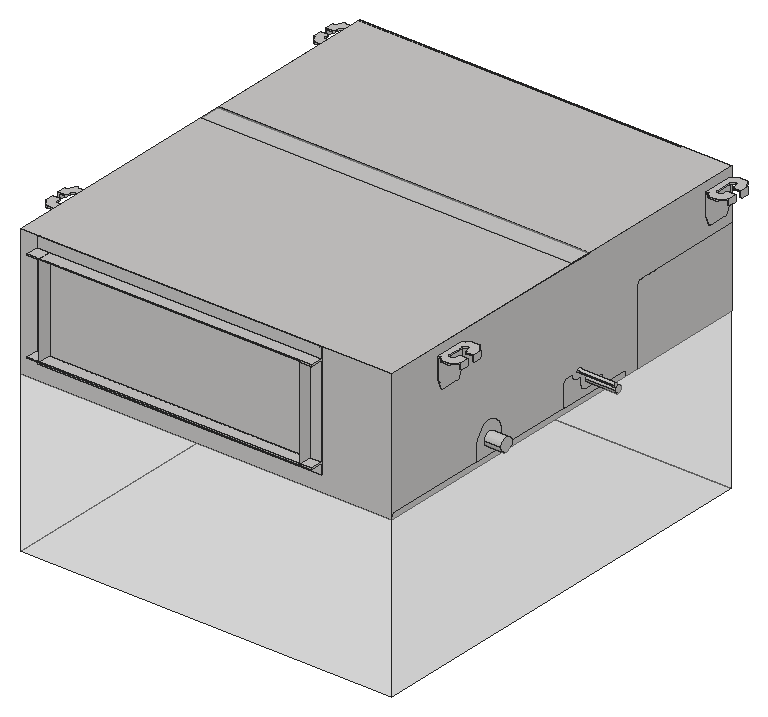
Revit family "outputfile", category 機械設備, Revit 2024
Family settings
  丸型コネクタ寸法 = 半径を使用
  パーツ タイプ = 標準
  OmniClass 番号 = 23.75.10.24.21.27.27
  OmniClass タイトル = Split System Air Conditioning Units
  作業面ベース = いいえ
  常に垂直 = はい
  ロード時にボイドで切り取り = いいえ
  注釈の向きを維持 = いいえ
  共有 = いいえ
  部屋計算ポイント = はい
Parameters (values of type "FDBF60DV14")
  Description = ""
  書き出し IFC クラス(タイプ) = "IfcUnitaryEquipmentType"
  定義済み IFC タイプ(タイプ) = "AIRCONDITIONINGUNIT"
  Cost = 0
  Type Comments = ""
  Keynote = ""
  Type Image = (empty or 0)
  Assembly Code = ""
  switch_frequency = yes
  ra duct size width = 0 mm
  ra duct size height [instance] = if(Rear Connection_Return Air, 203 mm, 204 mm)  # 203 mm
  lw_duct size width = 604 mm
  connector_voltage = Voltage_50Hz  # 230 V
  connector_powerinput = [Power Input (Cooling)]  # 0.000 kW
  connector_phase = Phase_50Hz  # 1
  URL = ""
  RA_length [instance] = if(Rear Connection_Return Air, 126 mm, 125.5 mm)  # 126 mm
  angle_drainpipe [instance] = if(Right Connection_refrigerant, 90.00°, 270.00°)  # 90.00°
  angle_gaspipe [instance] = if(Right Connection_refrigerant, 90.00°, 270.00°)  # 90.00°
  angle_liquidpipe [instance] = if(Right Connection_refrigerant, 90.00°, 270.00°)  # 90.00°
  angle_Return Air [instance] = if(Rear Connection_Return Air, 90.00°, 0.00°)  # 90.00°
  Right Connection_refrigerant [instance] = yes
  Rear Connection_Return Air [instance] = not(Bottom Connection_Return Air)  # yes
  製造元 = "Daikin"
  モデル = "FDBF60DV14"
  r_Liquid Pipe Size = Liquid Pipe Size / 2  # 3.2 mm
  r_Gas Pipe Size = Gas Pipe Size / 2  # 6.35 mm
  r_Drain Pipe Size = Drain Pipe Size / 2  # 12.5 mm
  lw_power = 60 mm  # constant formula
  lh_power = 30 mm  # constant formula
  ld_power = Depth / 2  # 400 mm
  Voltage_comment_50Hz = "220 - 240"
  Voltage_50Hz = 230 V
  Supply Air Direction [instance] = yes
  Sound Power Level_H speed (dB) = 0
  Phase_50Hz = 1
  Minimum External Static Pressure = 15.00 Pa
  Minimum Circuit Amps_50Hz = 0.0 A
  Maximum Fuse Amps_50Hz = 0.0 A
  Maximum External Static Pressure = 38.00 Pa
  Material_Casing = DAIKIN_GalvanizedSteel_Casing_indoorunit
  lw_mountinghole = 738 mm
  lh_gaspipe = 22 mm  # constant formula
  lh_mountinghole = 230 mm  # constant formula
  lh_liquidpipe = 185 mm  # constant formula
  lh_drainpipe = 207 mm  # constant formula
  lh_antena = (Height - lh_mountinghole) + 1 mm  # 16 mm
  ld_drainpipe = 228 mm  # constant formula
  ld_liquidpipe = 438 mm  # constant formula
  ld_gaspipe = 22 mm  # constant formula
  ld_mountinghole = 0 mm
  h*** = 0 mm
  lw_liquidpipe = 421 mm
  lw_gaspipe = 408 mm
  lw_drainpipe = 383 mm
  Width = 700 mm
  Version = "ver.1.0"
  Unit Type = "L.S.P. Duct for Bed room"
  Unit Mass Weight = 26.00 kg
  Unit Designation [instance] = ""
  Uniclass2015Version = "Products v1.30"
  Uniclass2015Title = "Split coil room air conditioning units"
  Uniclass2015Code = "Pr_70_65_03_86"
  Total Cooling Capacity [instance] = 0.000 kW
  Sound Pressure Level_M speed (dBA) = 33
  Sound Pressure Level_L speed (dBA) = 25
  Sound Pressure Level_H speed (dBA) = 37
  Series = "SkyAir_Fan Coil Unit"
  Sensible Cooling Capacity [instance] = 0.000 kW
  SA Duct Size Width = 490 mm
  SA Duct Size Height = 174 mm
  Refrigerant Type = "R32"
  RA Duct Size Width = 563 mm
  RA Duct Size Height = 203 mm
  Power Input (Cooling) = 0.000 kW
  Option Accessory 3 [instance] = ""
  Option Accessory 2 [instance] = ""
  Option Accessory 1 [instance] = ""
  Nominal Cooling Capacity = 6.000 kW
  Minimum Airflow = 570.00 m³/h
  Median Airflow = 720.00 m³/h
  Maximum Airflow = 900.00 m³/h
  Load Classification = HVAC
  Liquid Pipe Size = 6.4 mm
  Link_Nested Family [instance] = ""
  Left Connection_refrigerant [instance] = not(Right Connection_refrigerant)  # no
  IfcVersion = ""
  IfcExportType = "AIRCONDITIONINGUNIT"
  IfcExportAs = "IfcUnitaryEquipmentType"
  Height = 245 mm
  Heat Exchanger Type = "Cross Fin Coil"
  Gas Pipe Size = 12.7 mm
  Frequency_50Hz = 50 Hz
  Fan Type = "Sirocco Fan"
  Fan Drive = "Direct Drive"
  FCU Tag No. [instance] = ""
  Drain Pipe Size = 25.0 mm
  Design Supply Airflow [instance] = 0.00 m³/h
  Design Return Airflow [instance] = 0.00 m³/h
  Design External Static Pressure [instance] = 0.00 Pa
  Depth = 800 mm
  既定の高さ = 0 mm
  Cooling Entering Wet Bulb Temperature [instance] = 0.00 °C
  Cooling Entering Dry Bulb Temperature [instance] = 0.00 °C
  Cooling Ambient Wet Bulb Temperature [instance] = 0.00 °C
  Cooling Ambient Dry Bulb Temperature [instance] = 0.00 °C
  Clearance visibility [instance] = yes
  Clearance Top = 0 mm
  Clearance Right = 0 mm
  Clearance Rear = 0 mm
  Clearance Left = 0 mm
  Clearance Front = 0 mm
  Clearance Bottom = 300 mm
  Bottom Connection_Return Air [instance] = no
Reference planes
  plane 1 "Center (Front/Back)": y = 0
  plane 2 "h": z = 0
  plane 3 "Center (Left/Right)": x = 0
  plane 4 "Back": y = 400
  plane 5 "Front": y = -400
  plane 6 "Left": x = -350
  plane 7 "Right": x = 350
  plane 8 "Top": z = 0
  plane 9 "Bottom": z = -245
  plane 10: y = 400
  plane 11: y = -400
  plane 12: x = -350
  plane 13: x = 350
  plane 14: z = 0
  plane 15: z = -545
  plane 16: y = 364
  plane 17: y = -266
  plane 18: z = -15
  plane 19: x = -317
  plane 20: x = -408
  plane 21: x = 408
  plane 22: x = -421
  plane 23: x = 421
  plane 24: y = 38
  plane 25: y = 60
  plane 26: y = -172
  plane 27: z = -207
  plane 28: z = -207
  plane 29: z = -185
  plane 30: x = -383
  plane 31: x = 383
  plane 32: x = 254.5
  plane 33: x = -349.5
  plane 34: y = 151.5
  plane 35: z = -215
  plane 36: x = 290
  plane 37: x = -47.5
  plane 38: y = 274
  plane 39: z = -119.5
  plane 40: x = -369
  plane 41: x = 369
Forms (mm)
  Extrusion 1, solid, material "DAIKIN_GalvanizedSteel_Casing_indoorunit" <- "Material_Casing"
    sketch origin (0, 0, 0) x (1, 0, 0) y (0, 1, 0)
      loop
        line (-350, 400) -> (-350, -400) -> (350, -400) -> (350, 400) -> (-350, 400)
    from -245 to 0
  Extrusion 2, solid, material "DAIKIN_GalvanizedSteel_Casing_indoorunit" <- "Material_Casing", visible <- "Right Connection_refrigerant"
    sketch origin (350, 0, 0) x (0, 1, 0) y (0, 0, 1)
      loop
        circle (-172, -207) r 12.5
    from 0 to 33
  Extrusion 3, solid, material "DAIKIN_GalvanizedSteel_Casing_indoorunit" <- "Material_Casing", visible <- "Left Connection_refrigerant"
    sketch origin (-350, 0, 0) x (0, 1, 0) y (0, 0, 1)
      loop
        circle (-172, -207) r 12.5
    from 0 to -33
  Extrusion 4, solid, material "DAIKIN_GalvanizedSteel_Casing_indoorunit" <- "Material_Casing", visible <- "Right Connection_refrigerant"
    sketch origin (350, 0, 0) x (0, 1, 0) y (0, 0, 1)
      loop
        circle (38, -185) r 3.2
    from 0 to 71
  Extrusion 5, solid, material "DAIKIN_GalvanizedSteel_Casing_indoorunit" <- "Material_Casing", visible <- "Right Connection_refrigerant"
    sketch origin (350, 0, 0) x (0, 1, 0) y (0, 0, 1)
      loop
        circle (60, -207) r 6.35
    from 0 to 58
  Extrusion 6, solid, material "DAIKIN_GalvanizedSteel_Casing_indoorunit" <- "Material_Casing", visible <- "Left Connection_refrigerant"
    sketch origin (-350, 0, 0) x (0, 1, 0) y (0, 0, 1)
      loop
        circle (60, -207) r 6.35
    from 0 to -58
  Extrusion 7, solid, material "DAIKIN_GalvanizedSteel_Casing_indoorunit" <- "Material_Casing", visible <- "Left Connection_refrigerant"
    sketch origin (-350, 0, 0) x (0, 1, 0) y (0, 0, 1)
      loop
        circle (38, -185) r 3.2
    from 0 to -71
  Extrusion 8, solid, material "DAIKIN_GalvanizedSteel_Casing_indoorunit" <- "Material_Casing", visible <- "Right Connection_refrigerant"
    sketch origin (350, 0, 0) x (0, 1, 0) y (0, 0, 1)
      loop
        line (22.284, -188) -> (7.5, -188)
        arc (7.5, -188) -> (5.379, -188.879) -> (4.5, -191) r 3
        line (4.5, -191) -> (4.5, -232)
        arc (4.5, -232) -> (5.379, -234.121) -> (7.5, -235) r 3
        line (7.5, -235) -> (91, -235)
        arc (91, -235) -> (93.121, -234.121) -> (94, -232) r 3
        line (94, -232) -> (94, -220)
        arc (94, -220) -> (93.121, -217.879) -> (91, -217) r 3
        line (91, -217) -> (75.564, -217)
        arc (75.564, -217) -> (51.595, -223.481) -> (42.766, -200.274) r 18.5
        arc (42.766, -200.274) -> (29.776, -198.725) -> (22.284, -188) r 16
    from 0 to -1
  Extrusion 9, solid, material "DAIKIN_GalvanizedSteel_Casing_indoorunit" <- "Material_Casing", visible <- "Left Connection_refrigerant"
    sketch origin (-350, 0, 0) x (0, 1, 0) y (0, 0, 1)
      loop
        line (22.284, -188) -> (7.5, -188)
        arc (7.5, -188) -> (5.379, -188.879) -> (4.5, -191) r 3
        line (4.5, -191) -> (4.5, -232)
        arc (4.5, -232) -> (5.379, -234.121) -> (7.5, -235) r 3
        line (7.5, -235) -> (91, -235)
        arc (91, -235) -> (93.121, -234.121) -> (94, -232) r 3
        line (94, -232) -> (94, -220)
        arc (94, -220) -> (93.121, -217.879) -> (91, -217) r 3
        line (91, -217) -> (75.564, -217)
        arc (75.564, -217) -> (51.595, -223.481) -> (42.766, -200.274) r 18.5
        arc (42.766, -200.274) -> (29.776, -198.725) -> (22.284, -188) r 16
    from 0 to 1
  Extrusion 10, solid, material "DAIKIN_GalvanizedSteel_Casing_indoorunit" <- "Material_Casing", visible <- "Right Connection_refrigerant"
    sketch origin (350, 0, 0) x (0, 1, 0) y (0, 0, 1)
      loop
        line (-199.5, -235) -> (-144.5, -235) -> (-144.5, -204.7)
        arc (-144.5, -204.7) -> (-152.555, -185.255) -> (-172, -177.2) r 27.5
        arc (-172, -177.2) -> (-191.445, -185.255) -> (-199.5, -204.7) r 27.5
        line (-199.5, -204.7) -> (-199.5, -235)
    from 0 to -1
  Extrusion 11, solid, material "DAIKIN_GalvanizedSteel_Casing_indoorunit" <- "Material_Casing", visible <- "Left Connection_refrigerant"
    sketch origin (-350, 0, 0) x (0, 1, 0) y (0, 0, 1)
      loop
        line (-199.5, -235) -> (-144.5, -235) -> (-144.5, -204.7)
        arc (-144.5, -204.7) -> (-152.555, -185.255) -> (-172, -177.2) r 27.5
        arc (-172, -177.2) -> (-191.445, -185.255) -> (-199.5, -204.7) r 27.5
        line (-199.5, -204.7) -> (-199.5, -235)
    from 0 to 1
  Extrusion 12, solid, material "DAIKIN_GalvanizedSteel_Casing_indoorunit" <- "Material_Casing", visible <- "Right Connection_refrigerant"
    sketch origin (350, 0, 0) x (0, 1, 0) y (0, 0, 1)
      loop
        line (400, -245) -> (400, -95.5) -> (182, -95.5)
        arc (182, -95.5) -> (179.879, -96.379) -> (179, -98.5) r 3
        line (179, -98.5) -> (179, -245) -> (400, -245)
    from 0 to -1
  Extrusion 13, solid, material "DAIKIN_GalvanizedSteel_Casing_indoorunit" <- "Material_Casing", visible <- "Bottom Connection_Return Air"
    sketch origin (0, 400, 0) x (-1, 0, 0) y (0, 0, 1)
      loop
        line (-254.5, 0) -> (-254.5, -245) -> (349.5, -245) -> (349.5, 0) -> (-254.5, 0)
    from 0 to -1
  Extrusion 14, solid, material "DAIKIN_GalvanizedSteel_Casing_indoorunit" <- "Material_Casing", visible <- "Rear Connection_Return Air"
    sketch origin (0, 0, -245) x (-1, 0, 0) y (0, -1, 0)
      loop
        line (349.5, -400) -> (349.5, -151.5) -> (-254.5, -151.5) -> (-254.5, -400) -> (349.5, -400)
    from 0 to 1
  Extrusion 15, solid, material "DAIKIN_GalvanizedSteel_Casing_indoorunit" <- "Material_Casing", visible <- "Right Connection_refrigerant"
    sketch origin (350, 0, 0) x (0, 1, 0) y (0, 0, 1)
      loop
        arc (-397, -235) -> (-399.121, -235.879) -> (-400, -238) r 3
        line (-400, -238) -> (-400, -245) -> (147.5, -245) -> (147.5, -238)
        arc (147.5, -238) -> (146.621, -235.879) -> (144.5, -235) r 3
        line (144.5, -235) -> (-397, -235)
    from 0 to -1
  Extrusion 16, solid, material "DAIKIN_GalvanizedSteel_Casing_indoorunit" <- "Material_Casing", visible <- "Left Connection_refrigerant"
    sketch origin (-350, 0, 0) x (0, 1, 0) y (0, 0, 1)
      loop
        arc (-397, -235) -> (-399.121, -235.879) -> (-400, -238) r 3
        line (-400, -238) -> (-400, -245) -> (147.5, -245) -> (147.5, -238)
        arc (147.5, -238) -> (146.621, -235.879) -> (144.5, -235) r 3
        line (144.5, -235) -> (-397, -235)
    from 0 to 1
  Extrusion 17, solid, material "DAIKIN_GalvanizedSteel_Casing_indoorunit" <- "Material_Casing", visible <- "Left Connection_refrigerant"
    sketch origin (-350, 0, 0) x (0, 1, 0) y (0, 0, 1)
      loop
        line (400, -245) -> (400, -95.5) -> (182, -95.5)
        arc (182, -95.5) -> (179.879, -96.379) -> (179, -98.5) r 3
        line (179, -98.5) -> (179, -245) -> (400, -245)
    from 0 to 1
  Extrusion 18, void
    sketch origin (0, 0, 0) x (-1, 0, 0) y (0, -1, 0)
      loop
        line (350, -66.5) -> (350, -25) -> (-350, -25) -> (-350, -66.5) -> (350, -66.5)
    from 0 to -1
Cuts and joins
  Extrusion 18 cuts Extrusion 1
Dimensions and locks
  "Height": plane 8 "Top" to plane 9 "Bottom"
  equal spacing: plane 4 "Back", plane 1 "Center (Front/Back)", plane 5 "Front"
  "Depth": plane 4 "Back" to plane 5 "Front"
  equal spacing: plane 6 "Left", plane 3 "Center (Left/Right)", plane 7 "Right"
  "Width": plane 6 "Left" to plane 7 "Right"
  "Clearance Left": plane 12 to plane 6 "Left"
  "Clearance Right": plane 7 "Right" to plane 13
  "Clearance Rear": plane 10 to plane 4 "Back"
  "Clearance Front": plane 5 "Front" to plane 11
  "Clearance Top": plane 14 to plane 8 "Top"
  "Clearance Bottom": plane 9 "Bottom" to plane 15
  locked: plane 4 "Back" to plane 16 at 36
  locked: plane 17 to plane 5 "Front" at 134
  locked: plane 6 "Left" to plane 19 at 33
  "ld_liquidpipe": plane 24 to plane 5 "Front"
  "ld_drainpipe": plane 26 to plane 5 "Front"
  "ld_gaspipe": plane 25 to plane 24
  "lh_drainpipe": plane 8 "Top" to plane 28
  "lh_liquidpipe": plane 8 "Top" to plane 29
  "lh_gaspipe": plane 29 to plane 27
  locked: plane 7 "Right" to plane 32 at 95.5
  locked: plane 33 to plane 6 "Left" at 0.5
  locked: plane 4 "Back" to plane 34 at 248.5
  "lw_drainpipe": plane 3 "Center (Left/Right)" to plane 31
  "lw_drainpipe": plane 30 to plane 3 "Center (Left/Right)"
  "lw_gaspipe": plane 3 "Center (Left/Right)" to plane 21
  "lw_gaspipe": plane 20 to plane 3 "Center (Left/Right)"
  "lw_liquidpipe": plane 3 "Center (Left/Right)" to plane 23
  "lw_liquidpipe": plane 22 to plane 3 "Center (Left/Right)"
  "lw_power": plane 7 "Right" to plane 36
  "lh_power": plane 9 "Bottom" to plane 35
  equal spacing: plane 33, plane 37, plane 32
  locked: plane 4 "Back" to plane 38 at 126
  locked: plane 9 "Bottom" to plane 39 at 125.5
  equal spacing: plane 40, plane 3 "Center (Left/Right)", plane 41
  "lw_mountinghole": plane 40 to plane 41
  "lh_mountinghole": plane 18 to plane 9 "Bottom"
  locked: Extrusion 18 sketch curve to Extrusion 18 sketch curve at 41.5
  locked: plane 1 "Center (Front/Back)" to Extrusion 18 sketch curve at 25
  "r_Drain Pipe Size": radius of Extrusion 2 sketch curve
  "r_Drain Pipe Size": radius of Extrusion 3 sketch curve
  "r_Liquid Pipe Size": radius of Extrusion 4 sketch curve
  "r_Gas Pipe Size": radius of Extrusion 5 sketch curve
  "r_Gas Pipe Size": radius of Extrusion 6 sketch curve
  "r_Liquid Pipe Size": radius of Extrusion 7 sketch curve
  aligned and locked: level to plane 2 "h"
  aligned and locked: plane 8 "Top" to Extrusion 1
  aligned and locked: Extrusion 1 to plane 9 "Bottom"
  aligned and locked: nested 2 to plane 11
  aligned and locked: plane 12 to nested 2
  aligned and locked: plane 13 to nested 2
  aligned and locked: nested 2 to plane 12
  aligned and locked: plane 10 to nested 2
  aligned and locked: plane 14 to nested 2
  aligned and locked: plane 15 to nested 2
  aligned and locked: plane 5 "Front" to Extrusion 1 sketch curve
  aligned and locked: level to plane 8 "Top"
  aligned and locked: nested 3 to plane 6 "Left"
  aligned and locked: nested 6 to plane 6 "Left"
  aligned and locked: plane 7 "Right" to nested 5
  aligned and locked: plane 7 "Right" to nested 4
  aligned and locked: nested 3 to plane 16
  aligned and locked: plane 16 to nested 4
  aligned and locked: plane 17 to nested 6
  aligned and locked: nested 5 to plane 17
  aligned and locked: plane 18 to nested 3
  aligned and locked: plane 18 to nested 6
  aligned and locked: plane 18 to nested 4
  aligned and locked: plane 18 to nested 5
  aligned and locked: nested 7 to plane 5 "Front"
  aligned and locked: nested 7 to plane 19
  aligned and locked: plane 28 to Extrusion 2 sketch curve
  aligned and locked: plane 26 to Extrusion 2 sketch curve
  aligned and locked: plane 31 to Extrusion 2
  aligned and locked: plane 28 to Extrusion 3 sketch curve
  aligned and locked: plane 26 to Extrusion 3 sketch curve
  aligned and locked: Extrusion 3 to plane 30
  aligned and locked: plane 29 to Extrusion 4 sketch curve
  aligned and locked: plane 24 to Extrusion 4 sketch curve
  aligned and locked: plane 23 to Extrusion 4
  aligned and locked: plane 28 to Extrusion 5 sketch curve
  aligned and locked: plane 25 to Extrusion 5 sketch curve
  aligned and locked: plane 21 to Extrusion 5
  aligned and locked: plane 28 to Extrusion 6 sketch curve
  aligned and locked: plane 25 to Extrusion 6 sketch curve
  aligned and locked: Extrusion 6 to plane 20
  aligned and locked: plane 29 to Extrusion 7 sketch curve
  aligned and locked: plane 24 to Extrusion 7 sketch curve
  aligned and locked: Extrusion 7 to plane 22
  aligned and locked: Extrusion 13 to plane 33
  aligned and locked: plane 32 to Extrusion 13
  aligned and locked: plane 8 "Top" to Extrusion 13
  aligned and locked: Extrusion 13 to plane 9 "Bottom"
  aligned and locked: Extrusion 14 to plane 33
  aligned and locked: plane 32 to Extrusion 14
  aligned and locked: Extrusion 14 to plane 34
  aligned and locked: plane 4 "Back" to Extrusion 14
  aligned and locked: nested 8 to plane 4 "Back"
  aligned and locked: nested 8 to plane 33
  aligned and locked: plane 8 "Top" to nested 8
  aligned and locked: nested 9 to plane 34
  aligned and locked: plane 4 "Back" to nested 9
  aligned and locked: plane 32 to nested 9
  aligned and locked: nested 9 to plane 9 "Bottom"
  aligned and locked: nested 10 to plane 26
  aligned and locked: plane 3 "Center (Left/Right)" to nested 10
  aligned and locked: nested 10 to plane 28
  aligned and locked: nested 11 to plane 24
  aligned and locked: plane 3 "Center (Left/Right)" to nested 11
  aligned and locked: nested 11 to plane 29
  aligned and locked: nested 12 to plane 25
  aligned and locked: plane 3 "Center (Left/Right)" to nested 12
  aligned and locked: nested 12 to plane 28
  aligned and locked: nested 13 to plane 35
  aligned and locked: nested 13 to plane 36
  aligned and locked: nested 13 to plane 1 "Center (Front/Back)"
  aligned and locked: plane 37 to nested 14
  aligned and locked: nested 14 to plane 38
  aligned and locked: plane 38 to nested 14  (x2)
  aligned and locked: plane 40 to nested 15
  aligned and locked: plane 17 to nested 15
  aligned and locked: plane 40 to nested 16
  aligned and locked: nested 16 to plane 16
  aligned and locked: plane 41 to nested 18
  aligned and locked: plane 17 to nested 18
  aligned and locked: plane 41 to nested 17
  aligned and locked: nested 17 to plane 16
  aligned and locked: plane 1 "Center (Front/Back)" to nested 1
  aligned and locked: plane 3 "Center (Left/Right)" to nested 1
  aligned and locked: plane 6 "Left" to Extrusion 18 sketch curve
  aligned and locked: Extrusion 18 sketch curve to plane 7 "Right"
  aligned and locked: plane 8 "Top" to nested 7
Automatic sketch dimensions
  Extrusion 1 sketch curve to plane 6 "Left" = 0 mm
  Extrusion 1 sketch curve to plane 7 "Right" = 0 mm
  Extrusion 1 sketch curve to plane 4 "Back" = 0 mm
  Extrusion 8 sketch curve to plane 24 = 0 mm
  Extrusion 8 sketch curve to plane 25 = 0 mm
  Extrusion 8 sketch curve to plane 27 = 0 mm
  Extrusion 8 sketch curve to plane 29 = 0 mm
  Extrusion 8 sketch curve to plane 29 = 3 mm
  Extrusion 8 sketch curve to plane 24 = 15.716 mm
  Extrusion 8 sketch curve to plane 1 "Center (Front/Back)" = 7.5 mm  (x2)
  Extrusion 8 sketch curve to Extrusion 8 sketch curve = 3 mm
  Extrusion 8 sketch curve to plane 35 = 2 mm
  plane 25 to Extrusion 8 sketch curve = 15.564 mm
  plane 9 "Bottom" to Extrusion 8 sketch curve = 10 mm
  Extrusion 8 sketch curve to Extrusion 8 sketch curve = 15.436 mm
  Extrusion 8 sketch curve to plane 35 = 5 mm
  Extrusion 8 sketch curve to Extrusion 8 sketch curve = 0 mm
  Extrusion 9 sketch curve to plane 24 = 0 mm
  Extrusion 9 sketch curve to plane 25 = 0 mm
  Extrusion 9 sketch curve to plane 27 = 0 mm
  Extrusion 9 sketch curve to plane 29 = 0 mm
  Extrusion 9 sketch curve to plane 29 = 3 mm
  Extrusion 9 sketch curve to plane 24 = 15.716 mm
  Extrusion 9 sketch curve to plane 1 "Center (Front/Back)" = 7.5 mm  (x2)
  Extrusion 9 sketch curve to Extrusion 9 sketch curve = 3 mm
  Extrusion 9 sketch curve to plane 35 = 2 mm
  plane 25 to Extrusion 9 sketch curve = 15.564 mm
  plane 9 "Bottom" to Extrusion 9 sketch curve = 10 mm
  Extrusion 9 sketch curve to Extrusion 9 sketch curve = 15.436 mm
  Extrusion 9 sketch curve to plane 35 = 5 mm
  Extrusion 9 sketch curve to Extrusion 9 sketch curve = 0 mm
  Extrusion 10 sketch curve to Extrusion 10 sketch curve = 0 mm  (x2)
  Extrusion 10 sketch curve to plane 26 = 0 mm
  plane 9 "Bottom" to Extrusion 10 sketch curve = 10 mm
  Extrusion 10 sketch curve to plane 26 = 27.5 mm
  plane 27 to Extrusion 10 sketch curve = 2.3 mm
  Extrusion 11 sketch curve to Extrusion 11 sketch curve = 0 mm  (x2)
  Extrusion 11 sketch curve to plane 26 = 0 mm
  plane 9 "Bottom" to Extrusion 11 sketch curve = 10 mm
  Extrusion 11 sketch curve to plane 26 = 27.5 mm
  plane 27 to Extrusion 11 sketch curve = 2.3 mm
  Extrusion 12 sketch curve to plane 9 "Bottom" = 0 mm
  Extrusion 12 sketch curve to plane 4 "Back" = 0 mm
  plane 34 to Extrusion 12 sketch curve = 30.5 mm
  Extrusion 12 sketch curve to Extrusion 12 sketch curve = 3 mm
  plane 39 to Extrusion 12 sketch curve = 21 mm
  Extrusion 13 sketch curve to plane 9 "Bottom" = 0 mm
  Extrusion 13 sketch curve to plane 32 = 0 mm
  Extrusion 13 sketch curve to plane 33 = 0 mm
  Extrusion 13 sketch curve to level = 0 mm
  Extrusion 14 sketch curve to plane 4 "Back" = 0 mm
  Extrusion 14 sketch curve to plane 32 = 0 mm
  Extrusion 14 sketch curve to plane 33 = 0 mm
  Extrusion 14 sketch curve to plane 34 = 0 mm
  Extrusion 15 sketch curve to plane 5 "Front" = 0 mm
  Extrusion 15 sketch curve to plane 9 "Bottom" = 0 mm
  Extrusion 15 sketch curve to Extrusion 15 sketch curve = 3 mm
  Extrusion 15 sketch curve to plane 34 = 7 mm
  Extrusion 15 sketch curve to plane 34 = 4 mm
  Extrusion 15 sketch curve to Extrusion 15 sketch curve = 7 mm
  Extrusion 16 sketch curve to plane 5 "Front" = 0 mm
  Extrusion 16 sketch curve to plane 9 "Bottom" = 0 mm
  Extrusion 16 sketch curve to Extrusion 16 sketch curve = 3 mm
  Extrusion 16 sketch curve to plane 34 = 7 mm
  Extrusion 16 sketch curve to plane 34 = 4 mm
  plane 9 "Bottom" to Extrusion 16 sketch curve = 7 mm
  Extrusion 17 sketch curve to plane 9 "Bottom" = 0 mm
  Extrusion 17 sketch curve to plane 4 "Back" = 0 mm
  plane 34 to Extrusion 17 sketch curve = 30.5 mm
  Extrusion 17 sketch curve to Extrusion 17 sketch curve = 3 mm
  plane 39 to Extrusion 17 sketch curve = 21 mm
Nested families
  nested 1: "daikin_△_symbolicline" at (0, 0, 245), built-in parameter 1001364 <- "Height", visible <- "Supply Air Direction", type "daikin_△_symbolicline"
    with length 200 mm
  nested 2: "daikin_clearancespace" at (0, 0, -272.381), visible <- "Clearance visibility", show <- "Clearance visibility", Link_Nested Family <- "Link_Nested Family", type "daikin_clearancespace"
    with width 700 mm, show yes, height 545 mm, depth 800 mm, Link_Nested Family ""
  nested 3: "daikin_hangerfixture_FDBF-DV14" at (-350, 364, -15) x (0, -1, 0) z (0, 0, 1), type "daikin_hangerfixture_FDBF-DV14"
  nested 4: "daikin_hangerfixture_FDBF-DV14" at (350, 364, -15) x (0, 1, 0) z (0, 0, 1), type "daikin_hangerfixture_FDBF-DV14"
  nested 5: "daikin_hangerfixture_FDBF-DV14" at (350, -266, -15) x (0, 1, 0) z (0, 0, 1), type "daikin_hangerfixture_FDBF-DV14"
  nested 6: "daikin_hangerfixture_FDBF-DV14" at (-350, -266, -15) x (0, -1, 0) z (0, 0, 1), type "daikin_hangerfixture_FDBF-DV14"
  nested 7: "daikin_ductflange_FDBF-DV14_2" at (-49.5, -400, -108), type "daikin_ductflange_FDBF-DV14_2"
  nested 8: "daikin_ductflange_FDBF-DV14" at (-47.5, 400, -122.5), width <- "lw_duct size width", visible <- "Rear Connection_Return Air", material <- "Material_Casing", type "daikin_ductflange_FDBF-DV14"
    with width 604 mm, material DAIKIN_GalvanizedSteel_Casing_indoorunit, height 245 mm, depth 1 mm
  nested 9: "daikin_ductflange_FDBF-DV14_1" at (-47.5, 275.75, -244) x (1, 0, 0) z (0, -1, 0), width <- "lw_duct size width", visible <- "Bottom Connection_Return Air", material <- "Material_Casing", type "daikin_ductflange_FDBF-DV14_1"
    with width 604 mm, material DAIKIN_GalvanizedSteel_Casing_indoorunit, height 248.5 mm, depth 1 mm
  nested 10: "daikin_connector_rotate3" at (0, -172, -207), length <- "lw_drainpipe", radius <- "r_Drain Pipe Size", angle_vertical <- "angle_drainpipe", type "daikin_connector_rotate3"
    with show no, radius 12.5 mm, length 383 mm, angle_vertical 90.00°, angle_horizontal 90.00°
  nested 11: "daikin_connector_rotate3" at (0, 38, -185), length <- "lw_liquidpipe", radius <- "r_Liquid Pipe Size", angle_vertical <- "angle_liquidpipe", type "daikin_connector_rotate3"
    with show no, radius 3.2 mm, length 421 mm, angle_vertical 90.00°, angle_horizontal 90.00°
  nested 12: "daikin_connector_rotate3" at (0, 60, -207), length <- "lw_gaspipe", radius <- "r_Gas Pipe Size", angle_vertical <- "angle_gaspipe", type "daikin_connector_rotate3"
    with show no, radius 6.35 mm, length 408 mm, angle_vertical 90.00°, angle_horizontal 90.00°
  nested 13: "daikin_connector_rotate2" at (290, 0, -215) x (-1, 0, 0) z (0, 0, 1), length <- "ld_power", type "daikin_connector_rotate2"
    with radius 10 mm, length 400 mm, angle_vertical 90.00°
  nested 14: "daikin_connector_rotate3" at (-47.5, 274, -119.5), angle_vertical <- "angle_Return Air", length <- "RA_length", type "daikin_connector_rotate3"
    with show no, radius 10 mm, length 126 mm, angle_vertical 90.00°, angle_horizontal 180.00°
  nested 15: "daikin_mountinghole" at (-369, -266, -245), h_mountinghole <- "lh_mountinghole", l_antenna <- "lh_antena", Link_Nested Family <- "Link_Nested Family", type "daikin_mountinghole"
    with show yes, l_antenna 16 mm, h_mountinghole 230 mm, Link_Nested Family ""
  nested 16: "daikin_mountinghole" at (-369, 364, -245), h_mountinghole <- "lh_mountinghole", l_antenna <- "lh_antena", Link_Nested Family <- "Link_Nested Family", type "daikin_mountinghole"
    with show yes, l_antenna 16 mm, h_mountinghole 230 mm, Link_Nested Family ""
  nested 17: "daikin_mountinghole" at (369, 364, -245), h_mountinghole <- "lh_mountinghole", l_antenna <- "lh_antena", type "daikin_mountinghole"
    with show yes, l_antenna 16 mm, h_mountinghole 230 mm, Link_Nested Family ""
  nested 18: "daikin_mountinghole" at (369, -266, -245), h_mountinghole <- "lh_mountinghole", l_antenna <- "lh_antena", type "daikin_mountinghole"
    with show yes, l_antenna 16 mm, h_mountinghole 230 mm, Link_Nested Family ""
Connectors
  hvac at (-49.5, -425, -108), driven by "SA Duct Size Height", driven by "SA Duct Size Width"
    settings: on nested 7, index 1, duct flow 0.00 m³/h, flow factor 0, pres drop 0.00 Pa, loss coef 0, conn angle 0.00°, conn width 490.0 mm, conn height 174.0 mm, conn diameter 609.6 mm, duct sys type 1, conn prof type 1, flow config 0, flow direction 2, loss method 4, conn ref index -1, conn util no, is conn primary yes, conn desc "SA Duct"
  piping at (408, 60, -207), diameter 12.7, driven by "r_Gas Pipe Size"
    settings: on nested 12, index 4, connector inside diameter 609.6 mm, connector length 0 mm, flow factor 0, pipe flow 0.00 m³/h, pressure drop 0.0 Pa, fitting loss kfactor 0, connector angle 0.00°, fixture units 0, engagement length 0 mm, angle of deflection 0.00°, flow configuration 1, flow direction 2, fitting loss method 0, system type 29, joint type 0, gender type 0, connector reference index -1, connector utility 0, adjustable connector no, is connector primary yes, connector description "Refrigerant Gas Piping"
  piping at (421, 38, -185), diameter 6.4, driven by "r_Liquid Pipe Size"
    settings: on nested 11, index 5, connector inside diameter 609.6 mm, connector length 0 mm, flow factor 0, pipe flow 0.00 m³/h, pressure drop 0.0 Pa, fitting loss kfactor 0, connector angle 0.00°, fixture units 0, engagement length 0 mm, angle of deflection 0.00°, flow configuration 1, flow direction 1, fitting loss method 0, system type 29, joint type 0, gender type 0, connector reference index -1, connector utility 0, adjustable connector no, is connector primary no, connector description "Refrigerant Liquid Piping"
  piping at (383, -172, -207), diameter 25, driven by "r_Drain Pipe Size"
    settings: on nested 10, index 6, connector inside diameter 609.6 mm, connector length 0 mm, flow factor 0, pipe flow 0.00 m³/h, pressure drop 0.0 Pa, fitting loss kfactor 0, connector angle 0.00°, fixture units 0, engagement length 0 mm, angle of deflection 0.00°, flow configuration 1, flow direction 2, fitting loss method 4, system type 16, joint type 0, gender type 0, connector reference index -1, connector utility 0, adjustable connector no, is connector primary no, connector description "Condensate Drain Piping"
  hvac at (-47.5, 400, -119.5), driven by "ra duct size height", driven by "RA Duct Size Width"
    settings: on nested 14, index 7, duct flow 0.00 m³/h, flow factor 0, pres drop 0.00 Pa, loss coef 0, conn angle 0.00°, conn width 563.0 mm, conn height 203.0 mm, conn diameter 609.6 mm, duct sys type 2, conn prof type 1, flow config 0, flow direction 1, loss method 4, conn ref index -1, conn util no, is conn primary no, conn desc "RA Duct"
  electrical at (290, 400, -215), driven by "Load Classification", driven by "connector_phase", driven by "connector_voltage", driven by "connector_powerinput"
    settings: on nested 13, index 8, voltage 230 V, apparent load 0 VA, apparent load phase1 0 VA, apparent load phase2 0 VA, apparent load phase3 0 VA, power factor 1, load classification "HVAC", number of poles 1, system type 30, power factor state 1, is connector primary yes, connector utility no, sub classification motor no, connector description "Power Supply"
Definition of nested family "daikin_clearancespace"
  Parameters (values of type "daikin_clearancespace")
    Description = "daikin_clearancespace"
    width [instance] = 1823.963 mm
    show [instance] = yes
    material = none
    height [instance] = 1359.762 mm
    depth [instance] = 880 mm
    Default Elevation = 0 mm
    Link_Nested Family [instance] = ""
  Reference planes
    plane 1 "Center (Front/Back)": y = 0
    plane 2 "Center (Elevation)": z = -0.119
    plane 3 "Center (Left/Right)": x = 0
    plane 4: y = 440
    plane 5: y = -440
    plane 6 "Right": x = 911.982
    plane 7 "Left": x = -911.982
    plane 8 "Top": z = 679.762
    plane 9 "Bottom": z = -680
  Forms (mm)
    Extrusion 1, solid, material <- "material", visible <- "show"
      sketch origin (0, 0, 0) x (1, 0, 0) y (0, 1, 0)
        loop
          line (-911.982, 440) -> (-911.982, -440) -> (911.982, -440) -> (911.982, 440) -> (-911.982, 440)
      from -680 to 679.762
  Lines and regions (mm)
    symbolic lines, visible <- "show"
      curve 1: line (911.982, 440, 0) -> (-911.982, 440, 0)
      curve 2: line (-911.982, 440, 0) -> (-911.982, -440, 0)
      curve 3: line (-911.982, -440, 0) -> (911.982, -440, 0)
      curve 4: line (911.982, -440, 0) -> (911.982, 440, 0)
      curve 5: line (911.982, 0, 679.762) -> (-911.982, 0, 679.762)
      curve 6: line (911.982, 0, -680) -> (911.982, 0, 679.762)
      curve 7: line (-911.982, 0, -680) -> (911.982, 0, -680)
      curve 8: line (-911.982, 0, 679.762) -> (-911.982, 0, -680)
      curve 9: line (0, 440, 679.762) -> (0, -440, 679.762)
      curve 10: line (0, -440, 679.762) -> (0, -440, -680)
      curve 11: line (0, 440, -680) -> (0, 440, 679.762)
      curve 12: line (0, -440, -680) -> (0, 440, -680)
  Dimensions and locks
    "width": plane 7 "Left" to plane 6 "Right"
    "depth": plane 4 to plane 5
    "height": plane 8 "Top" to plane 9 "Bottom"
    equal spacing: plane 7 "Left", plane 3 "Center (Left/Right)", plane 6 "Right"
    equal spacing: plane 4, plane 1 "Center (Front/Back)", plane 5
    equal spacing: plane 8 "Top", plane 2 "Center (Elevation)", plane 9 "Bottom"
    aligned and locked: level to plane 2 "Center (Elevation)"
    aligned and locked: Extrusion 1 sketch curve to plane 4
    aligned and locked: plane 7 "Left" to Extrusion 1 sketch curve
    aligned and locked: Extrusion 1 sketch curve to plane 5
    aligned and locked: Extrusion 1 sketch curve to plane 6 "Right"
    aligned and locked: plane 8 "Top" to Extrusion 1
    aligned and locked: curve 1 to Extrusion 1
    aligned and locked: curve 2 to Extrusion 1
    aligned and locked: curve 3 to Extrusion 1
    aligned and locked: curve 4 to Extrusion 1
    aligned and locked: curve 5 to Extrusion 1
    aligned and locked: curve 6 to Extrusion 1
    aligned and locked: curve 7 to Extrusion 1
    aligned and locked: curve 8 to Extrusion 1
    aligned and locked: curve 9 to Extrusion 1
    aligned and locked: curve 10 to Extrusion 1
    aligned and locked: curve 11 to Extrusion 1
    aligned and locked: curve 12 to Extrusion 1
    aligned and locked: Extrusion 1 to plane 9 "Bottom"
Definition of nested family "daikin_hangerfixture_FDBF-DV14"
  Parameters (values of type "daikin_hangerfixture_FDBF-DV2S")
    width = 72 mm
    material = none
    height = 60 mm
    depth = 41 mm
    Default Elevation = 0 mm
  Reference planes
    plane 1 "Center (Front/Back)": y = 0
    plane 2: z = 0
    plane 3 "Center (Left/Right)": x = 0
    plane 4: y = 417.146
    plane 5: y = -41
    plane 6: x = -36
    plane 7: x = 36
    plane 8: z = -2.3
    plane 9: z = -60
    plane 10: y = -2.3
    plane 11: z = -12
    plane 12: y = -38.7
  Forms (mm)
    Extrusion 1, solid, material <- "material"
      sketch origin (0, 0, 0) x (1, 0, 0) y (0, 1, 0)
        loop
          line (-28, 0) -> (-28, -5)
          arc (-28, -5) -> (-29.127, -8.162) -> (-32, -9.899) r 5
          arc (-32, -9.899) -> (-34.873, -11.636) -> (-36, -14.798) r 5
          line (-36, -14.798) -> (-36, -27.178)
          arc (-36, -27.178) -> (-35.429, -29.499) -> (-33.846, -31.289) r 5
          line (-33.846, -31.289) -> (-23, -38.798) -> (-23, -41.098) -> (-6.5, -41.098) -> (-6.5, -28.498)
          arc (-6.5, -28.498) -> (-7.379, -26.377) -> (-9.5, -25.498) r 3
          line (-9.5, -25.498) -> (-13.5, -25.498)
          arc (-13.5, -25.498) -> (-20, -18.998) -> (-13.5, -12.498) r 6.5
          line (-13.5, -12.498) -> (13.5, -12.498)
          arc (13.5, -12.498) -> (20, -18.998) -> (13.5, -25.498) r 6.5
          line (13.5, -25.498) -> (9.5, -25.498)
          arc (9.5, -25.498) -> (7.379, -26.377) -> (6.5, -28.498) r 3
          line (6.5, -28.498) -> (6.5, -41.098) -> (23, -41.098) -> (23, -38.798) -> (33.846, -31.289)
          arc (33.846, -31.289) -> (35.429, -29.499) -> (36, -27.178) r 5
          line (36, -27.178) -> (36, -14.596)
          arc (36, -14.596) -> (34.873, -11.434) -> (32, -9.697) r 5
          arc (32, -9.697) -> (29.127, -7.96) -> (28, -4.798) r 5
          line (28, -4.798) -> (28, 0) -> (-28, 0)
      from 0 to -2.3
    Extrusion 2, solid, material <- "material"
      sketch origin (0, 0, 0) x (1, 0, 0) y (0, 0, 1)
        loop
          line (28, -39.037) -> (28, 0) -> (-28, 0) -> (-28, -39.037)
          arc (-28, -39.037) -> (-27.91, -39.983) -> (-27.642, -40.894) r 5
          line (-27.642, -40.894) -> (-21.257, -56.857)
          arc (-21.257, -56.857) -> (-19.418, -59.14) -> (-16.615, -60) r 5
          line (-16.615, -60) -> (16.615, -60)
          arc (16.615, -60) -> (19.418, -59.14) -> (21.257, -56.857) r 5
          line (21.257, -56.857) -> (27.642, -40.894)
          arc (27.642, -40.894) -> (27.91, -39.983) -> (28, -39.037) r 5
      from 0 to 2.3
    Extrusion 3, solid, material <- "material"
      sketch origin (0, 0, 0) x (1, 0, 0) y (0, 0, 1)
        loop
          line (-23, 0) -> (-23, -9)
          arc (-23, -9) -> (-22.121, -11.121) -> (-20, -12) r 3
          line (-20, -12) -> (-9.5, -12)
          arc (-9.5, -12) -> (-7.379, -11.121) -> (-6.5, -9) r 3
          line (-6.5, -9) -> (-6.5, 0) -> (-23, 0)
        loop
          line (23, 0) -> (6.5, 0) -> (6.5, -9)
          arc (6.5, -9) -> (7.379, -11.121) -> (9.5, -12) r 3
          line (9.5, -12) -> (20, -12)
          arc (20, -12) -> (22.121, -11.121) -> (23, -9) r 3
          line (23, -9) -> (23, 0)
      from 38.8 to 41.098
  Cuts and joins
    joined: Extrusion 1, Extrusion 2, Extrusion 3
  Dimensions and locks
    plane 2 to plane 8 = 2.3 mm
    "height": plane 2 to plane 9
    locked: plane 10 to plane 1 "Center (Front/Back)" at 2.3
    locked: plane 2 to plane 11 at 12
    locked: plane 12 to plane 5 at 2.3
    "width": plane 6 to plane 7
    "depth": plane 1 "Center (Front/Back)" to plane 5
    aligned and locked: level to plane 2
    aligned and locked: Extrusion 1 to plane 8
    aligned and locked: plane 2 to Extrusion 1
    aligned and locked: plane 2 to Extrusion 2 sketch curve
    aligned and locked: Extrusion 2 to plane 10
    aligned and locked: Extrusion 2 to plane 1 "Center (Front/Back)"
    aligned and locked: Extrusion 3 sketch curve to cut or joined group of Extrusion 1, Extrusion 2, Extrusion 3  (x3)
    aligned and locked: cut or joined group of Extrusion 1, Extrusion 2, Extrusion 3 to Extrusion 3
  Automatic sketch dimensions
    Extrusion 2 sketch curve to plane 7 = 8 mm
    Extrusion 2 sketch curve to plane 8 = 36.737 mm
    plane 6 to Extrusion 2 sketch curve = 19.385 mm
    Extrusion 1 sketch curve to plane 6 = 0 mm
    plane 1 "Center (Front/Back)" to Extrusion 1 sketch curve = 0 mm
    Extrusion 1 sketch curve to plane 7 = 0 mm
    plane 6 to Extrusion 1 sketch curve = 2.154 mm
    plane 6 to Extrusion 1 sketch curve = 3 mm
    Extrusion 1 sketch curve to Extrusion 1 sketch curve = 5 mm  (x3)
    Extrusion 1 sketch curve to plane 12 = 0.098 mm  (x2)
    Extrusion 1 sketch curve to Extrusion 1 sketch curve = 4 mm  (x2)
    Extrusion 1 sketch curve to plane 5 = 0.098 mm  (x2)
    Extrusion 1 sketch curve to plane 3 "Center (Left/Right)" = 6.5 mm
    plane 3 "Center (Left/Right)" to Extrusion 1 sketch curve = 6.5 mm
    Extrusion 1 sketch curve to Extrusion 1 sketch curve = 3 mm
    Extrusion 1 sketch curve to plane 7 = 8 mm
    Extrusion 1 sketch curve to plane 7 = 5 mm
    Extrusion 1 sketch curve to plane 7 = 3 mm
    Extrusion 1 sketch curve to plane 7 = 2.154 mm
    plane 12 to Extrusion 1 sketch curve = 7.411 mm  (x2)
    plane 12 to Extrusion 1 sketch curve = 10.202 mm  (x2)
    Extrusion 1 sketch curve to Extrusion 1 sketch curve = 6.5 mm  (x2)
    Extrusion 1 sketch curve to Extrusion 1 sketch curve = 12.38 mm
    Extrusion 1 sketch curve to plane 10 = 12.296 mm
    Extrusion 1 sketch curve to plane 10 = 2.7 mm
    Extrusion 1 sketch curve to plane 10 = 2.498 mm
    plane 6 to Extrusion 1 sketch curve = 4 mm
    Extrusion 1 sketch curve to Extrusion 1 sketch curve = 0 mm  (x2)
    Extrusion 1 sketch curve to plane 7 = 4 mm
    Extrusion 1 sketch curve to Extrusion 1 sketch curve = 4.111 mm
    Extrusion 3 sketch curve to level = 0 mm  (x2)
    Extrusion 3 sketch curve to plane 11 = 0 mm  (x2)
    plane 11 to Extrusion 3 sketch curve = 3 mm  (x2)
    plane 3 "Center (Left/Right)" to Extrusion 3 sketch curve = 6.5 mm
    Extrusion 3 sketch curve to Extrusion 3 sketch curve = 3 mm  (x2)
    Extrusion 2 sketch curve to plane 9 = 0 mm
    Extrusion 2 sketch curve to Extrusion 2 sketch curve = 11.385 mm
    plane 6 to Extrusion 2 sketch curve = 8 mm
    plane 9 to Extrusion 2 sketch curve = 20.963 mm
    Extrusion 2 sketch curve to Extrusion 2 sketch curve = 5 mm  (x2)
    plane 9 to Extrusion 2 sketch curve = 3.143 mm  (x3)
    Extrusion 2 sketch curve to Extrusion 2 sketch curve = 4.642 mm  (x2)
    Extrusion 2 sketch curve to Extrusion 2 sketch curve = 0 mm  (x2)
    Extrusion 2 sketch curve to Extrusion 2 sketch curve = 0.358 mm
    Extrusion 2 sketch curve to Extrusion 2 sketch curve = 1.857 mm  (x2)
Definition of nested family "daikin_ductflange_FDBF-DV14_2"
  Parameters (values of type "daikin_ductflange_FDBF-DV2S_2")
    width = if(w = 700 mm, 535 mm, if(w = 1000 mm, 835 mm, 535 mm))  # 535 mm
    w = 700 mm
    material = none
    height = 174 mm
    depth = 25 mm
    Default Elevation = 0 mm
  Reference planes
    plane 1 "Center (Front/Back)": y = 0
    plane 2: z = 0
    plane 3 "Center (Left/Right)": x = 0
    plane 4: y = -25
    plane 5: x = -267.5
    plane 6: x = 267.5
    plane 7: x = 245
    plane 8: x = -245
    plane 9: x = 246
    plane 10: x = -246
    plane 11: y = -1
    plane 12: z = 108
    plane 13: z = -108
    plane 14: z = 87
    plane 15: z = -87
  Forms (mm)
    Extrusion 1, solid, material <- "material"
      sketch origin (0, 0, 0) x (1, 0, 0) y (0, 0, 1)
        loop
          line (245, 87) -> (245, -87) -> (267.5, -87) -> (267.5, -86) -> (246, -86) -> (246, 86) -> (267.5, 86) -> (267.5, 87) -> (245, 87)
      from 0 to 25
    Extrusion 2, solid, material <- "material"
      sketch origin (0, 0, 0) x (1, 0, 0) y (0, 0, 1)
        loop
          line (-267.5, 87) -> (-267.5, 86) -> (-246, 86) -> (-246, -86) -> (-267.5, -86) -> (-267.5, -87) -> (-245, -87) -> (-245, 87) -> (-267.5, 87)
      from 0 to 25
    Extrusion 3, solid, material <- "material"
      sketch origin (0, 0, 0) x (1, 0, 0) y (0, 0, 1)
        loop
          line (-267.5, 87) -> (-267.5, -87) -> (-245, -87) -> (-245, 87) -> (-267.5, 87)
        loop
          line (267.5, 87) -> (245, 87) -> (245, -87) -> (267.5, -87) -> (267.5, 87)
      from 0 to 1
    Extrusion 4, solid, material <- "material"
      sketch origin (0, 0, 0) x (0, 1, 0) y (0, 0, 1)
        loop
          line (0, 108) -> (-1, 108) -> (-1, 88) -> (-25, 88) -> (-25, 87) -> (0, 87) -> (0, 108)
        loop
          line (0, -108) -> (0, -87) -> (-25, -87) -> (-25, -88) -> (-1, -88) -> (-1, -108) -> (0, -108)
      from -267.5 to 267.5
  Cuts and joins
    joined: Extrusion 1, Extrusion 2, Extrusion 3, Extrusion 4
  Dimensions and locks
    "depth": plane 4 to plane 1 "Center (Front/Back)"
    locked: plane 6 to plane 7 at 22.5
    locked: plane 8 to plane 5 at 22.5
    locked: plane 9 to plane 7 at 1
    equal spacing: plane 7, plane 3 "Center (Left/Right)", plane 8
    locked: plane 8 to plane 10 at 1
    locked: plane 11 to plane 1 "Center (Front/Back)" at 1
    "width": plane 6 to plane 5
    equal spacing: plane 14, level, plane 15
    "height": plane 14 to plane 15
    plane 12 to plane 13 = 216 mm
    equal spacing: plane 12, level, plane 13
    aligned and locked: level to plane 2
    aligned and locked: plane 7 to Extrusion 1 sketch curve
    aligned and locked: Extrusion 1 sketch curve to plane 6
    aligned and locked: plane 4 to Extrusion 1
    aligned and locked: Extrusion 2 sketch curve to plane 8
    aligned and locked: plane 10 to Extrusion 2 sketch curve
    aligned and locked: Extrusion 2 to plane 1 "Center (Front/Back)"
    aligned and locked: plane 4 to Extrusion 2
    aligned and locked: Extrusion 3 sketch curve to Extrusion 2
    aligned and locked: Extrusion 1 to Extrusion 3 sketch curve
    aligned and locked: Extrusion 3 to plane 1 "Center (Front/Back)"
    aligned and locked: plane 11 to Extrusion 3
    aligned and locked: Extrusion 4 sketch curve to plane 1 "Center (Front/Back)"
    aligned and locked: plane 11 to Extrusion 4 sketch curve
    aligned and locked: plane 4 to Extrusion 4 sketch curve
    aligned and locked: plane 1 "Center (Front/Back)" to Extrusion 4 sketch curve
    aligned and locked: Extrusion 4 sketch curve to plane 11
    aligned and locked: Extrusion 4 sketch curve to plane 4
    aligned and locked: Extrusion 4 to plane 5
    aligned and locked: plane 6 to Extrusion 4
    aligned and locked: plane 12 to cut or joined group of Extrusion 1, Extrusion 2, Extrusion 3, Extrusion 4
    aligned and locked: cut or joined group of Extrusion 1, Extrusion 2, Extrusion 3, Extrusion 4 to plane 13
    aligned and locked: cut or joined group of Extrusion 1, Extrusion 2, Extrusion 3, Extrusion 4 to plane 14
    aligned and locked: plane 15 to cut or joined group of Extrusion 1, Extrusion 2, Extrusion 3, Extrusion 4
    aligned and locked: plane 14 to cut or joined group of Extrusion 1, Extrusion 2, Extrusion 3, Extrusion 4  (x2)
    aligned and locked: cut or joined group of Extrusion 1, Extrusion 2, Extrusion 3, Extrusion 4 to plane 15  (x2)
    aligned and locked: Extrusion 3 sketch curve to plane 14
    aligned and locked: plane 14 to Extrusion 3 sketch curve
    aligned and locked: Extrusion 3 sketch curve to plane 15
  Automatic sketch dimensions
    Extrusion 1 sketch curve to plane 9 = 0 mm
    Extrusion 2 sketch curve to plane 5 = 0 mm  (x2)
    Extrusion 3 sketch curve to plane 5 = 0 mm
    Extrusion 3 sketch curve to plane 6 = 0 mm
    Extrusion 1 sketch curve to plane 6 = 0 mm
    Extrusion 4 sketch curve to Extrusion 4 sketch curve = 1 mm  (x2)
    Extrusion 2 sketch curve to Extrusion 2 sketch curve = 1 mm  (x2)
    Extrusion 1 sketch curve to Extrusion 1 sketch curve = 1 mm  (x2)
    level to Extrusion 4 sketch curve = 87 mm
    Extrusion 4 sketch curve to Extrusion 4 sketch curve = 20 mm  (x2)
    Extrusion 3 sketch curve to level = 87 mm
    Extrusion 4 sketch curve to level = 87 mm
    Extrusion 1 sketch curve to plane 14 = 0 mm
    Extrusion 1 sketch curve to plane 15 = 0 mm
    Extrusion 2 sketch curve to plane 14 = 0 mm
    Extrusion 2 sketch curve to plane 15 = 0 mm
Definition of nested family "daikin_ductflange_FDBF-DV14"
  Parameters (values of type "daikin_ductflange_FDBF-DV2S")
    width [instance] = 604 mm
    material [instance] = none
    height [instance] = 245 mm
    depth [instance] = 1 mm
    Default Elevation = 0 mm
  Reference planes
    plane 1 "Center (Front/Back)": y = 0
    plane 2: z = 0
    plane 3 "Center (Left/Right)": x = 0
    plane 4: x = -302
    plane 5: x = 302
    plane 6: z = 122.5
    plane 7: z = -122.5
    plane 8: y = -1
  Forms (mm)
    Extrusion 1, solid, material <- "material"
      sketch origin (0, 0, 0) x (1, 0, 0) y (0, 0, 1)
        loop
          line (-281.5, 104.5) -> (-281.5, -98.5) -> (281.5, -98.5) -> (281.5, 104.5) -> (-281.5, 104.5)
        loop
          line (-302, -122.5) -> (302, -122.5) -> (302, 122.5) -> (-302, 122.5) -> (-302, -122.5)
      from 0 to 1
  Dimensions and locks
    equal spacing: plane 5, plane 3 "Center (Left/Right)", plane 4
    "width": plane 5 to plane 4
    locked: Extrusion 1 sketch curve to Extrusion 1 sketch curve at 18
    locked: Extrusion 1 sketch curve to Extrusion 1 sketch curve at 24
    locked: Extrusion 1 sketch curve to Extrusion 1 sketch curve at 20.5  (x2)
    equal spacing: plane 6, level, plane 7
    "height": plane 6 to plane 7
    aligned and locked: level to plane 2
    aligned and locked: plane 6 to Extrusion 1
    aligned and locked: Extrusion 1 to plane 4
    aligned and locked: Extrusion 1 to plane 7
    aligned and locked: plane 5 to Extrusion 1
    aligned and locked: plane 8 to Extrusion 1
  Automatic sketch dimensions
    Extrusion 1 sketch curve to plane 4 = 0 mm
    plane 5 to Extrusion 1 sketch curve = 0 mm
    Extrusion 1 sketch curve to plane 6 = 18 mm
    plane 7 to Extrusion 1 sketch curve = 24 mm
Definition of nested family "daikin_ductflange_FDBF-DV14_1"
  Parameters (values of type "daikin_ductflange_FDBF-DV2S_1")
    width [instance] = 604 mm
    material [instance] = none
    height [instance] = 248.5 mm
    depth [instance] = 1 mm
    Default Elevation = 0 mm
  Reference planes
    plane 1 "Center (Front/Back)": y = 0
    plane 2: z = 0
    plane 3 "Center (Left/Right)": x = 0
    plane 4: x = -302
    plane 5: x = 302
    plane 6: z = 124.25
    plane 7: z = -124.25
    plane 8: y = -1
  Forms (mm)
    Extrusion 1, solid, material <- "material"
      sketch origin (0, 0, 0) x (1, 0, 0) y (0, 0, 1)
        loop
          line (-281.5, 103.75) -> (-281.5, -100.25) -> (281.5, -100.25) -> (281.5, 103.75) -> (-281.5, 103.75)
        loop
          line (-302, -124.25) -> (302, -124.25) -> (302, 124.25) -> (-302, 124.25) -> (-302, -124.25)
      from 0 to 1
  Dimensions and locks
    equal spacing: plane 5, plane 3 "Center (Left/Right)", plane 4
    "width": plane 5 to plane 4
    locked: Extrusion 1 sketch curve to Extrusion 1 sketch curve at 20.5  (x3)
    locked: Extrusion 1 sketch curve to Extrusion 1 sketch curve at 24
    equal spacing: plane 6, level, plane 7
    "height": plane 6 to plane 7
    "depth": plane 8 to plane 1 "Center (Front/Back)"
    aligned and locked: level to plane 2
    aligned and locked: plane 6 to Extrusion 1
    aligned and locked: Extrusion 1 to plane 4
    aligned and locked: Extrusion 1 to plane 7
    aligned and locked: plane 5 to Extrusion 1
    aligned and locked: plane 8 to Extrusion 1
  Automatic sketch dimensions
    Extrusion 1 sketch curve to plane 4 = 0 mm
    plane 5 to Extrusion 1 sketch curve = 0 mm
    Extrusion 1 sketch curve to plane 6 = 20.5 mm
    plane 7 to Extrusion 1 sketch curve = 24 mm
Definition of nested family "daikin_△_symbolicline"
  Parameters (values of type "daikin_△_symbolicline")
    length [instance] = 200 mm
    Default Elevation = 0 mm
  Reference planes
    plane 1 "Center (Front/Back)": y = 0
    plane 2: z = 0
    plane 3 "Center (Left/Right)": x = 0
  Lines and regions (mm)
    symbolic lines
      curve 1: line (0, -173.205, 0) -> (100, 0, 0)
      curve 2: line (100, 0, 0) -> (-100, 0, 0)
      curve 3: line (-100, 0, 0) -> (0, -173.205, 0)
  Dimensions and locks
    equal spacing: curve 3, plane 3 "Center (Left/Right)", curve 2
    "length": curve 3 to curve 2
    "length": curve 3 to curve 3
    "length": curve 1 to curve 1
    aligned and locked: level to plane 2
    aligned and locked: curve 2 to plane 1 "Center (Front/Back)"
    aligned and locked: plane 3 "Center (Left/Right)" to curve 3
Definition of nested family "daikin_connector_rotate3"
  Parameters (values of type "daikin_connector_rotate3")
    show [instance] = yes
    radius [instance] = 10 mm
    length [instance] = 600 mm
    angle_horizontal [instance] = 60.00°
    angle_vertical [instance] = 90.00°
    Default Elevation = 0 mm
  Reference planes
    plane 1 "Center (Front/Back)": y = 0
    plane 2: z = 0
    plane 3 "Center (Left/Right)": x = 0
  Dimensions and locks
    "angle_horizontal": angle plane 3 "Center (Left/Right)" to nested 1
    aligned and locked: level to plane 2
    aligned and locked: plane 1 "Center (Front/Back)" to nested 1  (x2)
    aligned and locked: plane 3 "Center (Left/Right)" to nested 1
  Nested families
    nested 1: "daikin_connector_rotate2" at (0, 0, 0) x (0.5, 0.866, 0) z (0, 0, 1), angle_vertical <- "angle_vertical", length <- "length", radius <- "radius", type "daikin_connector_rotate2"
      with radius 10 mm, length 600 mm, angle_vertical 90.00°
  Definition of nested family "daikin_connector_rotate2"
    Parameters (values of type "daikin_connector_rotate2")
      show_face = yes
      radius [instance] = 10 mm
      length [instance] = 600 mm
      d_surface = 10 mm
      angle_vertical [instance] = 90.00°
      Default Elevation = 0 mm
    Reference planes
      plane 1 "Center (Front/Back)": y = 0
      plane 2: z = 0
      plane 3 "Center (Left/Right)": x = 0
    Forms (mm)
      Extrusion 1, solid, visible <- "show_face"
        sketch origin (0, -600, 0) x (1, 0, 0) y (0, 0, 1)
          loop
            circle (0, 0) r 10
        from 0 to -10
    Lines and regions (mm)
      reference lines
        curve 1: line (0, 0, 0) -> (0, -600, 0)
      symbolic lines
        curve 2: circle (0, 0, 0) r 5 normal (0, 0, 1)
      model lines, visible <- "show_face"
        curve 3: line (0, 0, 0) -> (0, -600, 0)
    Dimensions and locks
      "length": curve 1 to curve 1
      "length": curve 3 to curve 3
      "d_surface": Extrusion 1 to Extrusion 1
      "radius": radius of Extrusion 1 sketch curve
      "angle_vertical": angle curve 1 to plane 1 "Center (Front/Back)"
      "angle_vertical": angle curve 3 to plane 1 "Center (Front/Back)"
      aligned and locked: level to plane 2
      aligned and locked: plane 1 "Center (Front/Back)" to curve 1
      aligned and locked: plane 2 to curve 1
      aligned and locked: plane 1 "Center (Front/Back)" to curve 2
      aligned and locked: plane 3 "Center (Left/Right)" to curve 2
      aligned and locked: plane 1 "Center (Front/Back)" to curve 3
      aligned and locked: plane 2 to curve 3
      aligned and locked: Extrusion 1 to Extrusion 1
    Automatic sketch dimensions
      Extrusion 1 sketch curve to level = 0 mm
      Extrusion 1 sketch curve to plane 3 "Center (Left/Right)" = 0 mm
      radius of curve 2 = 5 mm
Definition of nested family "daikin_connector_rotate2"
  Parameters (values of type "daikin_connector_rotate2")
    show_face = no
    radius [instance] = 10 mm
    length [instance] = 600 mm
    d_surface = 10 mm
    angle_vertical [instance] = 90.00°
    Default Elevation = 0 mm
  Reference planes
    plane 1 "Center (Front/Back)": y = 0
    plane 2: z = 0
    plane 3 "Center (Left/Right)": x = 0
  Forms (mm)
    Extrusion 1, solid, visible <- "show_face"
      sketch origin (0, -600, 0) x (1, 0, 0) y (0, 0, 1)
        loop
          circle (0, 0) r 10
      from 0 to -10
  Lines and regions (mm)
    reference lines
      curve 1: line (0, 0, 0) -> (0, -600, 0)
    symbolic lines
      curve 2: circle (0, 0, 0) r 5 normal (0, 0, 1)
    model lines, visible <- "show_face"
      curve 3: line (0, 0, 0) -> (0, -600, 0)
  Dimensions and locks
    "length": curve 1 to curve 1
    "length": curve 3 to curve 3
    "d_surface": Extrusion 1 to Extrusion 1
    "radius": radius of Extrusion 1 sketch curve
    "angle_vertical": angle curve 1 to plane 1 "Center (Front/Back)"
    "angle_vertical": angle curve 3 to plane 1 "Center (Front/Back)"
    aligned and locked: level to plane 2
    aligned and locked: plane 1 "Center (Front/Back)" to curve 1
    aligned and locked: plane 2 to curve 1
    aligned and locked: plane 1 "Center (Front/Back)" to curve 2
    aligned and locked: plane 3 "Center (Left/Right)" to curve 2
    aligned and locked: plane 1 "Center (Front/Back)" to curve 3
    aligned and locked: plane 2 to curve 3
    aligned and locked: Extrusion 1 to Extrusion 1
  Automatic sketch dimensions
    Extrusion 1 sketch curve to level = 0 mm
    Extrusion 1 sketch curve to plane 3 "Center (Left/Right)" = 0 mm
    radius of curve 2 = 5 mm
Definition of nested family "daikin_mountinghole"
  Parameters (values of type "daikin_mountinghole")
    Default Elevation = 1219.2 mm
    Type Comments = "mountinghole"
    show [instance] = yes
    material = none
    l_centerline = 100 mm
    l_antenna [instance] = 100 mm
    h_mountinghole [instance] = 0 mm
    d_circle = 30 mm
    Link_Nested Family [instance] = ""
  Reference planes
    plane 1 "Center (Front/Back)": y = 0
    plane 2: z = 0
    plane 3 "Center (Left/Right)": x = 0
    plane 4: y = 50
    plane 5: x = -50
    plane 6: x = 50
    plane 7: y = -50
    plane 8 "h_mountinghole": z = 0
    plane 9: z = 100
  Lines and regions (mm)
    model lines, detail levels fine
      curve 1: circle (0, 0, 0) r 15 normal (0, 0, 1)
      curve 2: line (-50, 0, 0) -> (50, 0, 0)
      curve 3: line (0, 50, 0) -> (0, -50, 0)
    symbolic lines, detail levels fine
      curve 4: circle (0, 0, 0) r 15 normal (0, 0, 1)
      curve 5: line (-50, 0, 0) -> (50, 0, 0)
      curve 6: line (0, 50, 0) -> (0, -50, 0)
    model lines
      curve 7: line (0, 0, 100) -> (0, 0, 0)
  Dimensions and locks
    equal spacing: plane 4, plane 1 "Center (Front/Back)", plane 7
    "l_centerline": plane 4 to plane 7
    equal spacing: plane 5, plane 3 "Center (Left/Right)", plane 6
    "l_centerline": plane 5 to plane 6
    "l_antenna": plane 9 to plane 8 "h_mountinghole"
    "h_mountinghole": plane 8 "h_mountinghole" to plane 2
    "d_circle": diameter of curve 1
    "d_circle": diameter of curve 4
    aligned and locked: level to plane 2
    aligned and locked: plane 1 "Center (Front/Back)" to curve 1
    aligned and locked: plane 3 "Center (Left/Right)" to curve 1
    aligned and locked: plane 1 "Center (Front/Back)" to curve 2
    aligned and locked: curve 3 to plane 3 "Center (Left/Right)"
    aligned and locked: plane 6 to curve 2
    aligned and locked: plane 5 to curve 2
    aligned and locked: plane 4 to curve 3
    aligned and locked: plane 7 to curve 3
    aligned and locked: plane 1 "Center (Front/Back)" to curve 4
    aligned and locked: plane 3 "Center (Left/Right)" to curve 4
    aligned and locked: plane 6 to curve 5
    aligned and locked: plane 5 to curve 5
    aligned and locked: plane 1 "Center (Front/Back)" to curve 5
    aligned and locked: plane 4 to curve 6
    aligned and locked: plane 7 to curve 6
    aligned and locked: curve 6 to plane 3 "Center (Left/Right)"
    aligned and locked: curve 7 to plane 3 "Center (Left/Right)"
    aligned and locked: plane 9 to curve 7
    aligned and locked: plane 8 "h_mountinghole" to curve 7
